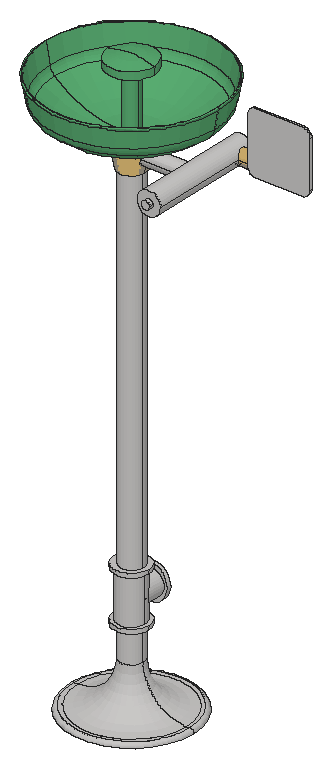
Revit family "Emergency_Equipment-Haws_Corporation-Eye_Wash_7261-7271", category Plumbing Fixtures, Revit 2015
Parameters (values of type "7261-7271 - MSR Pedestal Mount Eye Face Wash")
  Youtube clip = ""
  Width = 1' - 3"  # constant formula
  Weight Net (Kg) = "0"
  Waste Connection = 1 = 1  # yes
  Warranty URL = "https://www.hawsco.com/media/limited_warranties/emergency-equipment.pdf"
  Version = "2015 - v1.0a"  # constant formula
  Vent Connection = no
  Uniformat II Description = ""
  Uniformat II Code = ""
  Uniclass 2015 Name = ""
  Uniclass 2015 Code = ""
  Uniclass 2.0 Description = ""
  Uniclass 2.0 Code = ""
  Uniclass 1.4 Description = ""
  Uniclass 1.4 Code = ""
  URL = "https://www.hawsco.com"
  UNSPSC Code = "46182402"
  Type Comments = ""
  Technical description = "https://www.hawsco.com/downloads/dl/file/id/15339/product/410/haws_model_7261_7271_specsheet_pdf.pdf"
  Supply Diameter = 0' - 0 1/2"  # constant formula
  Sanitary Diameter = 0' - 1 1/4"  # constant formula
  Region South America = "None"
  Region Oceania = "None"
  Region North America = "CA, US"
  Region Middle East = "None"
  Region Europe = "None"
  Region Asia = "None"
  Region Antarctica = "None"
  Region Africa = "None"
  QR code = "http://bimobject.com/hawscorporation/product/haws-7261-7271"
  Product url = "https://www.hawsco.com/pedestal-eye-face-wash-with-abs-plastic-bowl/"
  Product group = "Emergency Equipment - Eye & Face Washes"
  Product family = "Eye Wash Fountains"
  Product data url = "https://bimobject.com/hawscorporation/product/haws-7261-7271"
  Product certification = "https://www.hawsco.com/media/limited_warranties/emergency-equipment.pdf"
  Product SKU = "haws-7261-7271"
  Product Page URL = "https://www.hawsco.com/pedestal-eye-face-wash-with-abs-plastic-bowl/"
  Product Guid = "2a6c366a-0d4b-4d15-93b3-e02926da890f"
  Product Documentation Link = "https://www.hawsco.com/downloads/dl/file/id/15339/product/410/haws_model_7261_7271_specsheet_pdf.pdf"
  OmniClass Description = "Combination Emergency Eye Wash Stations"
  OmniClass Code = "23-29 37 13 15"
  Nominal width = 0' - 0"
  Nominal height = 0' - 0"
  NBS Reference Description = ""
  NBS Reference Code = ""
  Model = "7261-7271"  # constant formula
  Material secondary = ""
  Material main = ""
  Material = ""
  Masterformat 2014 Description = "Eye/Face Wash Equipment"
  Masterformat 2014 Code = "22 45 26"
  Manufacturer name = "Haws Corporation"
  Manufacturer country = ""
  Manufacturer Address = "1455 Kleppe Ln, Sparks, NV 89431"  # constant formula
  Manufacturer = "Haws Corporation"  # constant formula
  Keynote = "S12"
  Installation instructions = "https://www.hawsco.com/downloads/dl/file/id/14332/product/410/7261_7271.pdf"
  IFC Classification = ""
  Height = 3' - 2"  # constant formula
  HW Connection = no
  Flow = 3.7 GPM
  Finish = Metal - Haws Corporation - High Polished Stainless Steel
  Edition number = 1
  EAN code = ""
  Design country = ""
  Description = "MSR Pedestal Mount Eye/Face Wash"  # constant formula
  Shower = Metal - Haws Corporation - Green Powder Coating
  Depth = 0' - 11 1/4"  # constant formula
  Date of publishing = ""
  Copyright = "Copyright © 2017 Haws, a Traynor Family Enterprise(TM)."  # constant formula
  CW Connection = 1 = 1  # yes
  COBIe Type Category = ""
  Brand url = "https://www.hawsco.com"
  Bowl Diameter = 0' - 11 1/4"  # constant formula
  BIMobject category = "Other"
  Assembly Code = "D2010610"
Reference planes (in)
  plane 1 "Center Front/Back": y = 0
  plane 2: z = 0
  plane 3 "Center Left/Right": x = 0
  plane 4: z = 38
  plane 5: z = 36.75
  plane 6: z = 32.375
  plane 7: z = 6.75
  plane 8: z = 3
  plane 9: z = 33.25
  plane 10: z = 0.25
  plane 11: z = 30.375
  plane 12: z = 31.375
  plane 13: x = 4.125
  plane 14: y = 4
  plane 15: y = -4
  plane 16: y = 3.75
  plane 17: y = -3.75
  plane 18: x = 5.625
  plane 19: y = 3
  plane 20: x = 5.75
  plane 21: y = 2.5
  plane 22: y = 2.375
Forms (in)
  Revolve 1, solid, material "Metal - Haws Corporation - High Polished Stainless Steel" <- "Finish"
    sketch origin (0, 0, 0) x (1, 0, 0) y (0, 0, 1)
      loop
        line (0, 3) -> (0, 0) -> (4, 0)
        arc (4, 0) -> (3.92678, 0.17678) -> (3.75, 0.25) r 0.25
        line (3.75, 0.25) -> (3.5, 0.25)
        arc (3.5, 0.25) -> (1.55546, 1.05546) -> (0.75, 3) r 2.75
        line (0.75, 3) -> (0, 3)
      axis (0, 3) -> (0, 0)
    angle from 0 to 360
  Extrusion 2, solid, material "Metal - Haws Corporation - High Polished Stainless Steel" <- "Finish"
    sketch origin (0, 0, 0) x (1, 0, 0) y (0, 1, 0)
      loop
        circle (0, 0) r 0.75
    from 3 to 31.375
  Revolve 3, solid, material "Metal - Haws Corporation - Green Powder Coating" <- "Shower"
    sketch origin (0, 0, 0) x (1, 0, 0) y (0, 0, 1)
      loop
        line (0, 33.3125) -> (0, 33.25) -> (0.75599, 33.25)
        arc (0.75599, 33.25) -> (3.04094, 33.66774) -> (5.03028, 34.86691) r 6.45798
        arc (5.03028, 34.86691) -> (5.2405, 35.12718) -> (5.3531, 35.44221) r 1
        line (5.3531, 35.44221) -> (5.5625, 36.625)
        arc (5.5625, 36.625) -> (5.625, 36.6875) -> (5.5625, 36.75) r 0.0625
        line (5.5625, 36.75) -> (5.52116, 36.75) -> (5.29156, 35.45311)
        arc (5.29156, 35.45311) -> (5.18599, 35.15776) -> (4.98891, 34.91377) r 0.9375
        arc (4.98891, 34.91377) -> (3.01882, 33.7262) -> (0.75599, 33.3125) r 6.39548
        line (0.75599, 33.3125) -> (0, 33.3125)
      axis (0, 36.75) -> (0, 33.25)
    angle from 0 to 360
  Revolve 4, solid, material "Metal - Haws Corporation - Brass"
    sketch origin (0, 0, 0) x (1, 0, 0) y (0, 0, 1)
      loop
        line (0, 31.375) -> (0.87591, 31.375) -> (1.1222, 32.77179)
        arc (1.1222, 32.77179) -> (1.20235, 32.93432) -> (1.37125, 33) r 0.25
        line (1.37125, 33) -> (1.5, 33) -> (1.5, 33.25) -> (0, 33.25) -> (0, 31.375)
      axis (0, 33.25) -> (0, 31.375)
    angle from 0 to 360
  Revolve 5, solid, material "Metal - Haws Corporation - Green Powder Coating" <- "Shower"
    sketch origin (0, 0, 0) x (1, 0, 0) y (0, 0, 1)
      loop
        line (0, 38) -> (0, 33.25) -> (0.5, 33.25) -> (0.5, 37.02868)
        arc (0.5, 37.02868) -> (1.00692, 37.11725) -> (1.5, 37.26449) r 4.3923
        line (1.5, 37.26449) -> (1.5, 37.73551)
        arc (1.5, 37.73551) -> (0.75858, 37.91639) -> (0, 38) r 5.8968
      axis (0, 38) -> (0, 33.25)
    angle from 0 to 360
  Extrusion 6, solid, material "Metal - Haws Corporation - High Polished Stainless Steel" <- "Finish"
    sketch origin (0, 0, 0) x (0, 1, 0) y (0, 0, 1)
      loop
        circle (0, 32.375) r 0.5
    from 0 to 4.125
  Extrusion 7, solid, material "Metal - Haws Corporation - High Polished Stainless Steel" <- "Finish"
    sketch origin (0, 0, 0) x (1, 0, 0) y (0, 0, 1)
      loop
        circle (4.125, 32.375) r 0.75
    from -3.75 to 3.75
  Extrusion 8, solid, material "Metal - Haws Corporation - High Polished Stainless Steel" <- "Finish"
    sketch origin (0, 0, 0) x (1, 0, 0) y (0, 0, 1)
      loop
        circle (4.125, 32.375) r 0.25
    from 3.75 to 4
  Extrusion 9, solid, material "Metal - Haws Corporation - High Polished Stainless Steel" <- "Finish"
    sketch origin (0, 0, 0) x (1, 0, 0) y (0, 0, 1)
      loop
        circle (4.125, 32.375) r 0.25
    from -4 to -3.75
  Extrusion 10, solid, material "Metal - Haws Corporation - Brass"
    sketch origin (5.625, 51.606, 48) x (0, 1, 0) y (0, 0, 1)
      loop
        circle (-48.606, -15.625) r 0.5
    from -1.5 to 0
  Extrusion 11, solid, material "Metal - Haws Corporation - High Polished Stainless Steel" <- "Finish"
    sketch origin (5.625, 51.606, 48) x (0, 1, 0) y (0, 0, 1)
      loop
        line (-49.106, -16.125) -> (-46.606, -16.125) -> (-46.606, -14.75) -> (-48.606, -13.125) -> (-49.106, -13.125) -> (-49.106, -16.125)
    from 0 to 0.125
  Extrusion 12, solid, material "Metal - Haws Corporation - High Polished Stainless Steel" <- "Finish"
    sketch origin (60, 2.375, 48) x (1, 0, 0) y (0, 0, 1)
      loop
        line (-54.375, -12.625) -> (-54.375, -15.625)
        arc (-54.375, -15.625) -> (-54.22855, -15.97855) -> (-53.875, -16.125) r 0.5
        line (-53.875, -16.125) -> (-50.875, -16.125)
        arc (-50.875, -16.125) -> (-50.52145, -15.97855) -> (-50.375, -15.625) r 0.5
        line (-50.375, -15.625) -> (-50.375, -12.625)
        arc (-50.375, -12.625) -> (-50.52145, -12.27145) -> (-50.875, -12.125) r 0.5
        line (-50.875, -12.125) -> (-53.875, -12.125)
        arc (-53.875, -12.125) -> (-54.22855, -12.27145) -> (-54.375, -12.625) r 0.5
    from -0.125 to 0
Lines and regions (in)
  Masking region 1
    outline origin (0, 0, 0) x (1, 0, 0) y (0, 1, 0)
      loop
        circle (0, 0) r 5.625
  Masking region 2, detail levels medium
    outline origin (0, 0, 0) x (1, 0, 0) y (0, 1, 0)
      loop
        line (9.625, 5) -> (2.57694, 5)
        arc (2.57694, 5) -> (4.0562, 3.89716) -> (5.09902, 2.375) r 5.625
        line (5.09902, 2.375) -> (9.625, 2.375) -> (9.625, 5)
  Masking region 3, detail levels fine
    outline origin (0, 0, 0) x (1, 0, 0) y (0, 1, 0)
      loop
        line (5.03891, 2.5) -> (5.625, 2.5) -> (5.625, 2.375) -> (9.625, 2.375) -> (9.625, 2.5) -> (5.75, 2.5) -> (5.75, 5) -> (5.625, 5) -> (5.625, 3.5) -> (4.875, 3.5) -> (4.875, 3.75) -> (4.375, 3.75) -> (4.375, 4) -> (3.95482, 4)
        arc (3.95482, 4) -> (4.55898, 3.29489) -> (5.03891, 2.5) r 5.625
      loop
        line (4.875, -3.75) -> (4.875, -2.80624)
        arc (4.875, -2.80624) -> (4.45508, -3.43408) -> (3.95482, -4) r 5.625
        line (3.95482, -4) -> (4.375, -4) -> (4.375, -3.75) -> (4.875, -3.75)
  symbolic lines, detail levels fine
    curve 1: circle (0, 0, 0) r 5.52116 normal (0, 0, 1)
    curve 2: circle (0, 0, 0) r 1.5 normal (0, 0, 1)
    curve 3: line (5.625, 2.5, 0) -> (5.625, 3.5, 0)
    curve 4: line (4.375, -3.75, 0) -> (4.19263, -3.75, 0)
Dimensions and locks (in)
  plane 4 to plane 5 to plane 9 to plane 6 to plane 12 to plane 11 = 0' - 1 1/4" locked, 0' - 3 1/2" locked, 0' - 0 7/8" locked, 0' - 1" locked, 0' - 1" locked
  locked: plane 7 to plane 8 at 3.75
  Revolve 1 sketch curve to Revolve 1 sketch curve to Revolve 1 sketch curve to Revolve 1 sketch curve to Revolve 1 sketch curve = 0' - 0 3/4" locked, 0' - 2 3/4" locked, 0' - 0 1/4" locked, 0' - 0 1/4" locked
  locked: plane 3 "Center Left/Right" to Extrusion 2 sketch curve at 0.75
  locked: Extrusion 2 sketch curve to plane 1 "Center Front/Back" at 0.75
  plane 9 to Revolve 4 sketch curve to Revolve 4 sketch curve to Revolve 4 sketch curve = 0' - 0 1/4" locked, 0' - 0.22821" locked, 0' - 1.39679" locked
  Revolve 4 sketch curve to Revolve 4 sketch curve to Revolve 4 sketch curve to Revolve 4 sketch curve to plane 3 "Center Left/Right" = 0' - 0.12875" locked, 0' - 0.24905" locked, 0' - 0.24629" locked, 0' - 0.87591" locked
  Revolve 5 sketch curve to Revolve 5 sketch curve to Revolve 5 sketch curve = 0' - 0 1/2" locked, 0' - 1" locked
  plane 3 "Center Left/Right" to plane 13 to plane 18 to plane 20 = 0' - 4 1/8" locked, 0' - 1 1/2" locked, 0' - 0 1/8" locked
  locked: plane 6 to Extrusion 6 sketch curve at 0.5
  locked: plane 1 "Center Front/Back" to Extrusion 6 sketch curve at 0.5
  locked: Extrusion 7 sketch curve to plane 13 at 0.75
  locked: plane 6 to Extrusion 7 sketch curve at 0.75
  plane 15 to plane 1 "Center Front/Back" to plane 14 = 0' - 4" locked, 0' - 4" locked
  plane 19 to plane 16 to plane 14 = 0' - 0 3/4" locked, 0' - 0 1/4" locked
  locked: plane 15 to plane 17 at 0.25
  locked: Extrusion 8 sketch curve to plane 13 at 0.25
  locked: plane 6 to Extrusion 8 sketch curve at 0.25
  locked: Extrusion 10 sketch curve to plane 6 at 0.5
  locked: plane 19 to Extrusion 10 sketch curve at 0.5
  Extrusion 11 sketch curve to Extrusion 11 sketch curve to Extrusion 11 sketch curve = 0' - 0 1/2" locked, 0' - 2" locked
  Extrusion 11 sketch curve to plane 9 to Extrusion 11 sketch curve = 0' - 1 3/8" locked, 0' - 1 5/8" locked
  plane 22 to plane 21 to plane 19 = 0' - 0 1/8" locked, 0' - 0 1/2" locked
  locked: Extrusion 12 sketch curve to Extrusion 12 sketch curve at 4
  Extrusion 12 sketch curve to plane 6 to Extrusion 12 sketch curve = 0' - 3 1/2" locked, 0' - 0 1/2" locked
  plane 8 to plane 10 to plane 2 = 0' - 2 3/4" locked, 0' - 0 1/4" locked
  "Height": plane 4 to plane 2
  Revolve 3 sketch curve to Revolve 3 sketch curve to Revolve 3 sketch curve to Revolve 3 sketch curve to Revolve 3 sketch curve to Revolve 3 sketch curve to Revolve 3 sketch curve to plane 9 = 0' - 0" locked, 0' - 2.95798" locked, 0' - 0 1/16" locked, 0' - 1.07096" locked, 0' - 0" locked, 0' - 2.30404" locked, 0' - 0 1/16" locked
  Revolve 3 sketch curve to Revolve 3 sketch curve to Revolve 3 sketch curve to Revolve 3 sketch curve to Revolve 3 sketch curve to plane 3 "Center Left/Right" = 0' - 1.19408" locked, 0' - 0" locked, 0' - 3.61243" locked, 0' - 0" locked, 0' - 0.75599" locked
  Revolve 5 sketch curve to plane 4 to Revolve 5 sketch curve to Revolve 5 sketch curve to Revolve 5 sketch curve to Revolve 5 sketch curve = 0' - 3.3923" locked, 0' - 0.26449" locked, 0' - 0.47102" locked, 0' - 0.23581" locked, 0' - 4.91951" locked
  locked: plane 1 "Center Front/Back" to Masking region 1 sketch curve at 5.625
  radius of Extrusion 2 sketch curve = 0' - 0 3/4"
  aligned and locked: level to plane 2
  aligned and locked: plane 12 to Extrusion 2
  aligned and locked: Extrusion 2 to plane 8
  aligned and locked: plane 13 to Extrusion 6
  aligned and locked: Extrusion 6 to plane 3 "Center Left/Right"
  aligned and locked: plane 17 to Extrusion 7
  aligned and locked: Extrusion 7 to plane 16
  aligned: Extrusion 9 sketch curve to Extrusion 8
  aligned and locked: Extrusion 9 sketch curve to Extrusion 8
  aligned and locked: Extrusion 9 to plane 14
  aligned and locked: plane 16 to Extrusion 9
  aligned and locked: Extrusion 8 to plane 17
  aligned and locked: plane 15 to Extrusion 8
  aligned and locked: Extrusion 10 to plane 13
  aligned and locked: plane 18 to Extrusion 10
  aligned and locked: Extrusion 11 to plane 18
  aligned and locked: plane 20 to Extrusion 11
  aligned and locked: Extrusion 12 to plane 21
  aligned and locked: plane 22 to Extrusion 12
  aligned and locked: nested 1 to plane 7
  aligned and locked: Revolve 1 sketch curve to plane 2
  aligned and locked: Revolve 1 sketch curve to plane 8
  aligned and locked: plane 10 to Revolve 1 sketch curve
  aligned and locked: nested 1 to plane 1 "Center Front/Back"
  aligned and locked: plane 3 "Center Left/Right" to nested 1
  aligned and locked: Revolve 3 sketch curve to plane 3 "Center Left/Right"
  aligned and locked: Revolve 3 sketch curve to Revolve 3 sketch curve
  aligned and locked: Revolve 3 sketch curve to plane 9
  aligned and locked: Revolve 5 sketch curve to plane 9
  aligned and locked: Revolve 5 sketch curve to plane 3 "Center Left/Right"  (x2)
  aligned and locked: plane 3 "Center Left/Right" to Masking region 1 sketch curve
  aligned and locked: plane 1 "Center Front/Back" to Masking region 1 sketch curve
  aligned and locked: Masking region 2 sketch curve to Extrusion 11
  aligned and locked: Masking region 2 sketch curve to Extrusion 12  (x2)
  aligned and locked: Masking region 2 sketch curve to Masking region 1
  aligned and locked: Masking region 3 sketch curve to Masking region 1  (x2)
  aligned and locked: plane 14 to Masking region 3 sketch curve
  aligned and locked: Extrusion 9 to Masking region 3 sketch curve
  aligned and locked: Extrusion 10 to Masking region 3 sketch curve
  aligned and locked: Masking region 3 sketch curve to Extrusion 11  (x2)
  aligned and locked: Extrusion 11 to Masking region 3 sketch curve
  aligned and locked: Masking region 3 sketch curve to Extrusion 12  (x3)
  aligned and locked: Masking region 3 sketch curve to Extrusion 7
  aligned and locked: Masking region 3 sketch curve to Extrusion 8
  aligned and locked: curve 1 to Revolve 3  (x2)
  aligned and locked: curve 2 to Revolve 5
  aligned and locked: curve 3 to Extrusion 11
  aligned and locked: curve 3 to Masking region 3
  aligned and locked: Masking region 3 to curve 3
  aligned and locked: curve 4 to plane 17
  aligned and locked: Masking region 3 to curve 4
  aligned and locked: Revolve 1 sketch curve to plane 3 "Center Left/Right"
  aligned and locked: plane 8 to Revolve 1 sketch curve
  aligned and locked: plane 2 to Revolve 1 sketch curve
Automatic sketch dimensions
  Revolve 1 sketch curve to plane 3 "Center Left/Right" = 0' - 0"
  Revolve 1 sketch curve to level = 2' - 0"
  plane 4 to Revolve 1 sketch curve = 4' - 8.33184"
  Revolve 4 sketch curve to plane 3 "Center Left/Right" = 0' - 0"  (x2)
  Revolve 4 sketch curve to plane 9 = 0' - 0"
  Revolve 4 sketch curve to level = 2' - 0"
  plane 4 to Revolve 4 sketch curve = 4' - 8.33184"
  Revolve 5 sketch curve to plane 4 = 0' - 0"
  Revolve 5 sketch curve to level = 2' - 0"
  Revolve 5 sketch curve to Revolve 5 sketch curve = 4' - 4.93954"
  Extrusion 6 sketch curve to plane 1 "Center Front/Back" = 0' - 0"
  Extrusion 7 sketch curve to plane 6 = 0' - 0"
  Extrusion 8 sketch curve to plane 6 = 0' - 0"
  Extrusion 10 sketch curve to plane 6 = 0' - 0"
  Extrusion 11 sketch curve to plane 21 = 0' - 0"
  Extrusion 11 sketch curve to plane 9 = 0' - 0"
  Extrusion 12 sketch curve to plane 18 = 0' - 0"
  Extrusion 12 sketch curve to plane 6 = 0' - 0"  (x2)
  plane 20 to Extrusion 12 sketch curve = 0' - 0 3/8"
  Extrusion 12 sketch curve to Extrusion 12 sketch curve = 0' - 0 1/2"
  Revolve 3 sketch curve to plane 9 = 0' - 0"
  Revolve 3 sketch curve to Revolve 3 sketch curve = 0' - 0"
  Revolve 3 sketch curve to Revolve 3 sketch curve = 0' - 0.26128"
  Revolve 3 sketch curve to Revolve 3 sketch curve = 4' - 6.62387"
  Revolve 3 sketch curve to Revolve 3 sketch curve = 0' - 0.04137"
  Revolve 3 sketch curve to Revolve 3 sketch curve = 0' - 0.06154"
  Revolve 3 sketch curve to Revolve 3 sketch curve = 0' - 0.04134"
  plane 21 to Masking region 3 sketch curve = 0' - 0"
  plane 13 to Masking region 3 sketch curve = 0' - 0 1/4"  (x2)
  Masking region 3 sketch curve to Masking region 3 sketch curve = 0' - 0 1/2"  (x2)
  plane 16 to Masking region 3 sketch curve = 0' - 0 1/4"
  plane 13 to curve 4 = 0' - 0.06763"
Nested families (in)
  nested 1: "T-Connection" at (0, -12, 6.75) x (0, 0, -1) z (0, 1, 0), type "T-Connection"
    with V_Pipe_Dia 0' - 0 7/8", V_Joint Dia 0' - 1 1/8", H_Pipe Dia 0' - 0 7/8", H_Joint Dia 0' - 1 1/8", Connection Width 0' - 3 1/2", Connection Height 0' - 1 1/2"
Connectors (in)
  piping at (4.125, 3.75, 32.375), diameter 0.5, driven by "Supply Diameter", driven by "Flow"
    settings: on Extrusion 7, index 1, connector inside diameter 24", connector length 0' - 0", flow factor 0, pipe flow 3.7 GPM, pressure drop 0.00 psi, fitting loss kfactor 0, connector angle 0.00°, fixture units 0, engagement length 0' - 0", angle of deflection 0.00°, flow configuration 0, flow direction 1, fitting loss method 0, system type 20, joint type 0, gender type 0, connector reference index -1, connector utility 0, adjustable connector no, is connector primary yes, connector description "Supply Connector"
  piping at (0, 1.75, 6.75), diameter 1.25, driven by "Sanitary Diameter"
    settings: on nested 1, index 2, connector inside diameter 24", connector length 0' - 0", flow factor 0, pipe flow 0 GPM, pressure drop 0.00 psi, fitting loss kfactor 0, connector angle 0.00°, fixture units 0, engagement length 0' - 0", angle of deflection 0.00°, flow configuration 0, flow direction 2, fitting loss method 0, system type 16, joint type 0, gender type 0, connector reference index -1, connector utility 0, adjustable connector no, is connector primary no, connector description "Sanitary Connector"
Definition of nested family "T-Connection"
  Parameters
    V_Pipe_Dia [instance] = 0' - 1"
    V_Joint Dia [instance] = V_Pipe_Dia + 0' 0 1/4"  # 0' - 1 1/4"
    H_Pipe Dia [instance] = 0' - 1"
    H_Joint Dia [instance] = H_Pipe Dia + 0' 0 1/4"  # 0' - 1 1/4"
    Connection Width [instance] = 0' - 4"
    Connection Height [instance] = 0' - 2"
    Connection = none
  Reference planes (in)
    plane 1 "Center (Front/Back)": y = 0
    plane 2: z = 0
    plane 3 "Center (Left/Right)": x = 0
    plane 4: z = 12
    plane 5: z = 14
    plane 6: x = -2
    plane 7: x = 2
    plane 8: x = -1.75
    plane 9: x = 1.75
    plane 10: z = 14.25
  Forms (in)
    Extrusion 1, solid, material <- "Connection"
      sketch origin (0, 0, 0) x (1, 0, 0) y (0, 1, 0)
        loop
          circle (0, 0) r 1
      from 12 to 14
    Extrusion 2, solid, material <- "Connection"
      sketch origin (0, 0, 0) x (0, 1, 0) y (0, 0, 1)
        loop
          circle (0, 12) r 1
      from -1.75 to 1.75
    Extrusion 3, solid, material <- "Connection"
      sketch origin (0, 0, 0) x (0, 1, 0) y (0, 0, 1)
        loop
          circle (0, 12) r 1.25
      from -2 to -1.75
    Extrusion 4, solid, material <- "Connection"
      sketch origin (0, 0, 0) x (0, 1, 0) y (0, 0, 1)
        loop
          circle (0, 12) r 1.25
      from 1.75 to 2
    Extrusion 5, solid, material <- "Connection"
      sketch origin (0, 0, 0) x (1, 0, 0) y (0, 1, 0)
        loop
          circle (0, 0) r 1.25
      from 14 to 14.25
  Dimensions and locks (in)
    equal spacing: plane 6, plane 3 "Center (Left/Right)", plane 7
    "Connection Width": plane 6 to plane 7
    locked: plane 6 to plane 8 at 0.25
    locked: plane 9 to plane 7 at 0.25
    locked: plane 10 to plane 5 at 0.25
    "Connection Height": plane 5 to plane 4
    "H_Pipe Dia": radius of Extrusion 2 sketch curve
    "H_Joint Dia": radius of Extrusion 3 sketch curve
    "H_Joint Dia": radius of Extrusion 4 sketch curve
    "V_Joint Dia": radius of Extrusion 5 sketch curve
    "V_Pipe_Dia": radius of Extrusion 1 sketch curve
    aligned and locked: level to plane 2
    aligned and locked: plane 5 to Extrusion 1
    aligned and locked: Extrusion 1 to plane 4
    aligned and locked: Extrusion 2 to plane 8
    aligned and locked: plane 9 to Extrusion 2
    aligned and locked: Extrusion 3 to plane 6
    aligned and locked: plane 8 to Extrusion 3
    aligned and locked: Extrusion 4 to plane 9
    aligned and locked: plane 7 to Extrusion 4
    aligned and locked: plane 10 to Extrusion 5
    aligned and locked: Extrusion 5 to plane 5
  Automatic sketch dimensions
    plane 1 "Center (Front/Back)" to Extrusion 1 sketch curve = 0' - 0"
    Extrusion 1 sketch curve to plane 3 "Center (Left/Right)" = 0' - 0"
    Extrusion 2 sketch curve to plane 1 "Center (Front/Back)" = 0' - 0"
    Extrusion 2 sketch curve to plane 4 = 0' - 0"
    Extrusion 3 sketch curve to plane 1 "Center (Front/Back)" = 0' - 0"
    Extrusion 3 sketch curve to plane 4 = 0' - 0"
    Extrusion 4 sketch curve to plane 1 "Center (Front/Back)" = 0' - 0"
    Extrusion 4 sketch curve to plane 4 = 0' - 0"
    plane 1 "Center (Front/Back)" to Extrusion 5 sketch curve = 0' - 0"
    Extrusion 5 sketch curve to plane 3 "Center (Left/Right)" = 0' - 0"
